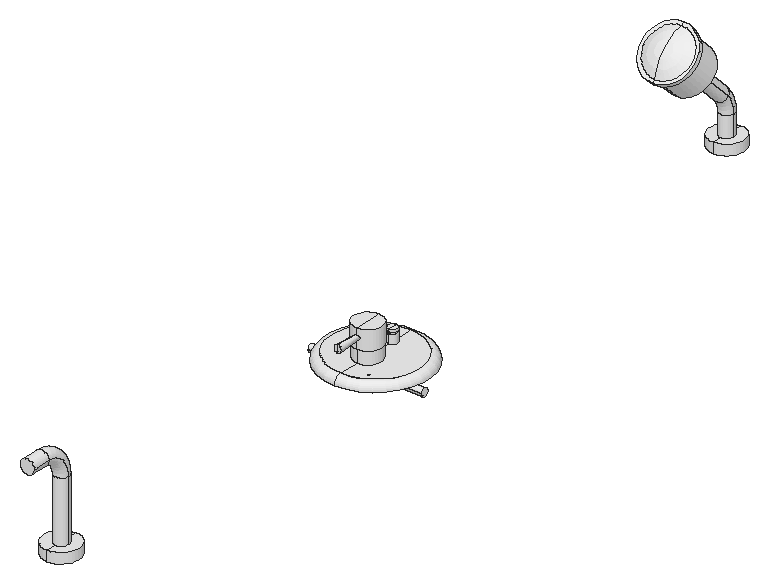
Revit family "Shower-Bath-American_Standard-Serin-T064.602", category Plumbing Fixtures, host Face, Revit 2014
Parameters (values of type "T064.602")
  Width = 6 3/4"
  Waste Connection = no
  Warranty Information = "Limited Lifetime Function and Finish Warranty."
  WFU = 4
  Vent Connection = no
  URL = "http://www.americanstandard-us.com/"
  Type Comments = ""
  Product Page URL = "https://www.americanstandard-us.com/bathroom/shower-faucets/serin-bathshower-trim-kit-with-built-in-diverter-18318"
  Product Documentation Link = "https://www.americanstandard-us.com/-/media/sites/asus/files/product-specs/bulk/specsheett064602.pdf?la=en"
  Price = "Prices may vary. Please consult Manufacturer Representative for most up-to-date price list."  # constant formula
  Model = "T064.602"
  Material = "Brass-American Standard-002-Polished Chrome"
  Manufacturer = "American Standard"
  Length = 7 1/4"
  Hydronic Supply Radius = 1/4"
  Hydronic Supply Diameter = Hydronic Supply Radius * 2  # 1/2"
  Hot Water Connection Radius = 1/4"
  Hot Water Connection Height = 48"
  Hot Water Connection Diameter = Hot Water Connection Radius * 2  # 1/2"
  Height = 79 5/8"
  HWFU = 3
  HW Connection = yes
  Description = "Serin Pressure Balance Bath-Shower Fitting with Built-In Diverter."
  Default Elevation = 0"
  Creation Date = "10/24/14"  # constant formula
  Cold Water Connection Radius = 1/4"
  Cold Water Connection Height = Hot Water Connection Height  # 48"
  Cold Water Connection Diameter = Cold Water Connection Radius * 2  # 1/2"
  CWFU = 2
  CW Connection = yes
  Assembly Code = "D2020300"
  ADA Compliant = yes
Reference planes (in)
  plane 1 "Center (Front/Back)": y = -43
  plane 2: z = 0
  plane 3 "Center (Left/Right)": x = 0
  plane 4: y = 31
  plane 5: y = 36.625
  plane 6: y = 5
  plane 7: y = -22
  plane 8: through (0, 34.26422, 5.31068) normal (0, -0.7071, -0.7071)
  plane 9: through (0, 35.01117, 5.27084) normal (0, -0.7071, -0.7071)
  plane 10: y = 5.6875
  plane 11: z = 6.75
  plane 12: x = 4
  plane 13: x = -4
  plane 14: z = 8.125
  plane 15: y = 35.4375
  plane 16: y = 37.8125
  plane 17: y = 2.0625
  plane 18: y = 9.3125
Forms (in)
  Revolve 1, solid, material "Brass-American Standard-002-Polished Chrome"
    sketch origin (0, -9.95943, 1.58276) x (0, -0.034899, -0.999391) y (0, 0.999391, -0.034899)
      loop
        line (-5.07447, 44.27525) -> (-5.42824, 44.62901)
        arc (-5.42824, 44.62901) -> (-5.60952, 44.37045) -> (-5.85481, 44.17158) r 1.13936
        line (-5.85481, 44.17158) -> (-6.16456, 44.46042) -> (-6.84656, 43.72907) -> (-7.39508, 44.24057) -> (-9.01846, 42.4997) -> (-9.2013, 42.6702) -> (-9.3718, 42.48736) -> (-9.18896, 42.31686)
        arc (-9.18896, 42.31686) -> (-8.86609, 41.49291) -> (-8.31396, 40.80131) r 2.95847
        line (-8.31396, 40.80131) -> (-5.07447, 44.27525)
      axis (-5.06256, 44.28801) -> (-8.31396, 40.80131)
    angle from 0 to 360
  Sweep 2, solid, material "Brass-American Standard-002-Polished Chrome"
    path origin (0, -9.06109, -0.71731) x (0, 0, -1) y (0, 1, 0)
      loop
        line (-5.81256, 43.53801) -> (-4.21205, 45.13853)
        arc (-4.21205, 45.13853) -> (-3.60554, 45.54379) -> (-2.89012, 45.68609) r 1.86949
        line (-2.89012, 45.68609) -> (-0.71731, 45.68609)
    profile origin (0, 36.625, 1.0864) x (1, 0, 0) y (0, 1, 0)
      loop
        circle (0, 0) r 0.5
  Revolve 3, solid, material "Brass-American Standard-002-Polished Chrome"
    sketch origin (0, -9.06109, 0) x (0, 0, -1) y (0, 1, 0)
      loop
        line (0, 45.68609) -> (-0.70701, 45.68609) -> (-0.70701, 44.49859) -> (0, 44.49859) -> (0, 45.68609)
      axis (-0.70701, 45.68609) -> (0, 45.68609)
    angle from 0 to 360
  Revolve 4, solid, material "Brass-American Standard-002-Polished Chrome"
    sketch origin (0, -16.13672, 0) x (0, 0, -1) y (0, 1, 0)
      loop
        arc (0, 25.44922) -> (-0.375, 25.29389) -> (-0.53033, 24.91889) r 0.53033
        line (-0.53033, 24.91889) -> (-0.53033, 21.82422) -> (0, 21.82422) -> (0, 25.44922)
      axis (0, 21.82422) -> (-0.53033, 21.82422)
    angle from 0 to 360
  Revolve 5, solid, material "Brass-American Standard-002-Polished Chrome"
    sketch origin (0, -16.13672, 0) x (0, 0, -1) y (0, 1, 0)
      loop
        line (-2.77185, 22.1316) -> (-2.77185, 21.13672) -> (-1.456, 21.13672) -> (-0.37029, 21.13672) -> (-0.37029, 22.05671) -> (-1.456, 22.05671) -> (-1.456, 22.1316) -> (-2.77185, 22.1316)
      axis (-2.77185, 21.13672) -> (-0.37029, 21.13672)
    angle from 0 to 360
  Revolve 6, solid, material "Brass-American Standard-002-Polished Chrome"
    sketch origin (0, -16.13672, 0) x (0, 0, -1) y (0, 1, 0)
      loop
        line (-2.17574, 20.24331) -> (-2.17574, 18.49331) -> (-1.92574, 18.49331) -> (-2.01745, 20.24331) -> (-2.17574, 20.24331)
      axis (-2.17574, 20.24331) -> (-2.17574, 18.49331)
    angle from 0 to 360
  Sweep 7, solid, material "Brass-American Standard-002-Polished Chrome"
    path origin (0, -9, 0) x (0, 1, 0) y (0, 0, 1)
      loop
        line (-13, 0) -> (-13, 5)
        arc (-13, 5) -> (-13.51256, 6.23744) -> (-14.75, 6.75) r 1.75
        line (-14.75, 6.75) -> (-16, 6.75)
    profile origin (0, -22, 2.5) x (0, -1, 0) y (1, 0, 0)
      loop
        circle (0, 0) r 0.5
  Revolve 8, solid, material "Brass-American Standard-002-Polished Chrome"
    sketch origin (0, -67.68609, 0) x (0, 0, -1) y (0, 1, 0)
      loop
        line (0, 45.68609) -> (-0.70701, 45.68609) -> (-0.70701, 44.43609) -> (0, 44.43609) -> (0, 45.68609)
      axis (-0.70701, 45.68609) -> (0, 45.68609)
    angle from 0 to 360
  Revolve 9, solid, material "Brass-American Standard-002-Polished Chrome"
    sketch origin (0, -0.1875, 0.125) x (0, 1, 0) y (0, 0, 1)
      loop
        line (7.70312, 0) -> (7.70312, 1) -> (7.65662, 1.0465) -> (7.65662, 1.18634) -> (7.70312, 1.18634) -> (7.70312, 1.31134) -> (7.375, 1.31134) -> (7.375, 0) -> (7.70312, 0)
      axis (7.375, 0) -> (7.375, 1.31134)
    angle from 0 to 360
  Extrusion 10, solid, material "Brass-American Standard-002-Polished Chrome"
    sketch origin (0, 0, 0) x (0, 1, 0) y (0, 0, 1)
      loop
        circle (5, -0.32281) r 0.25
    from -4 to 4
  Extrusion 11, solid, material "Brass-American Standard-002-Polished Chrome"
    sketch origin (0, -43, 0) x (1, 0, 0) y (0, 0, 1)
      loop
        circle (0, -0.31947) r 0.25
    from -49.46865 to -46.47384
Cuts and joins
  joined: Sweep 7, Revolve 8
  joined: Sweep 2, Revolve 3
  joined: Revolve 4, Revolve 5, Revolve 9
  joined: Extrusion 10, Extrusion 11
Lines and regions (in)
  Masking region 1
    outline origin (0, -43, 0) x (1, 0, 0) y (0, 0, 1)
      loop
        arc (-1.92353, 8.10823) -> (-1.88369, 7.65836) -> (-1.67353, 7.2586) r 1.14895
        line (-1.67353, 7.2586) -> (-1.67353, 6.24599)
        spline (-1.67353, 6.24599) -> (-1.66679, 6.13989) -> (-1.64663, 6.03465) -> (-1.6132, 5.9311) -> (-1.56677, 5.8301) -> (-1.50773, 5.73244) -> (-1.43654, 5.63892) -> (-1.35378, 5.55029) -> (-1.26011, 5.46727) -> (-1.15629, 5.39051) -> (-1.04316, 5.32065) -> (-0.92163, 5.25824) -> (-0.79267, 5.20379)
        spline (-0.79267, 5.20379) -> (-0.77386, 5.18248) -> (-0.7539, 5.16169) -> (-0.73282, 5.14147) -> (-0.71066, 5.12183) -> (-0.68745, 5.10281) -> (-0.66322, 5.08444) -> (-0.63801, 5.06673) -> (-0.61185, 5.04973) -> (-0.58479, 5.03345) -> (-0.55687, 5.01792) -> (-0.52812, 5.00316) -> (-0.49858, 4.98919)
        line (-0.49858, 4.98919) -> (-0.49858, 2.77185) -> (-0.99487, 2.77185) -> (-0.99487, 1.456) -> (-0.91999, 1.456) -> (-0.91999, 0.70701) -> (-1.25073, 0.70701) -> (-1.25073, 0.53127) -> (-3.0937, 0.53127)
        arc (-3.0937, 0.53127) -> (-3.46937, 0.37567) -> (-3.62497, 0) r 0.53127
        line (-3.62497, 0) -> (0, 0) -> (3.62497, 0)
        arc (3.62497, 0) -> (3.46937, 0.37567) -> (3.0937, 0.53127) r 0.53127
        line (3.0937, 0.53127) -> (1.25073, 0.53127) -> (1.25073, 0.70701) -> (0.91999, 0.70701) -> (0.91999, 1.456) -> (0.99487, 1.456) -> (0.99487, 2.77185) -> (0.49858, 2.77185) -> (0.49858, 4.98919)
        spline (0.49858, 4.98919) -> (0.52812, 5.00316) -> (0.55687, 5.01792) -> (0.58479, 5.03345) -> (0.61185, 5.04973) -> (0.63801, 5.06673) -> (0.66322, 5.08444) -> (0.68745, 5.10281) -> (0.71066, 5.12183) -> (0.73282, 5.14147) -> (0.7539, 5.16169) -> (0.77386, 5.18248) -> (0.79267, 5.20379)
        spline (0.79267, 5.20379) -> (0.92163, 5.25824) -> (1.04316, 5.32065) -> (1.15629, 5.39051) -> (1.26011, 5.46727) -> (1.35378, 5.55029) -> (1.43654, 5.63892) -> (1.50773, 5.73244) -> (1.56677, 5.8301) -> (1.6132, 5.9311) -> (1.64663, 6.03465) -> (1.66679, 6.13989) -> (1.67353, 6.24599)
        line (1.67353, 6.24599) -> (1.67353, 7.2586)
        spline (1.67353, 7.2586) -> (1.71272, 7.31022) -> (1.74874, 7.36299) -> (1.78153, 7.4168) -> (1.81104, 7.47156) -> (1.83721, 7.52717) -> (1.85998, 7.58353) -> (1.87933, 7.64053) -> (1.8952, 7.69807) -> (1.90758, 7.75604) -> (1.91644, 7.81433) -> (1.92176, 7.87283) -> (1.92353, 7.93145)
        line (1.92353, 7.93145) -> (1.92353, 8.10823)
        spline (1.92353, 8.10823) -> (1.85799, 8.46026) -> (1.66583, 8.7883) -> (1.36014, 9.06999) -> (0.96177, 9.28614) -> (0.49785, 9.42202) -> (0, 9.46837) -> (-0.49785, 9.42202) -> (-0.96177, 9.28614) -> (-1.36014, 9.06999) -> (-1.66583, 8.7883) -> (-1.85799, 8.46026) -> (-1.92353, 8.10823)
  symbolic lines, detail levels medium+fine
    curve 1: spline (-1.67353, -43, 6.24599) -> (-1.61651, -43, 6.55227) -> (-1.44932, -43, 6.83768) -> (-1.18337, -43, 7.08276) -> (-0.83677, -43, 7.27082) -> (-0.43314, -43, 7.38904) -> (0, -43, 7.42936) -> (0.43314, -43, 7.38904) -> (0.83677, -43, 7.27082) -> (1.18337, -43, 7.08276) -> (1.44932, -43, 6.83768) -> (1.61651, -43, 6.55227) -> (1.67353, -43, 6.24599)
    curve 2: spline (-0.80545, -43, 5.21938) -> (-0.91186, -43, 5.4354) -> (-0.90639, -43, 5.66412) -> (-0.78971, -43, 5.87747) -> (-0.57612, -43, 6.04928) -> (-0.29185, -43, 6.15846) -> (0.02823, -43, 6.19162) -> (0.34485, -43, 6.14469) -> (0.61916, -43, 6.02343) -> (0.81749, -43, 5.84271) -> (0.91552, -43, 5.62472) -> (0.90122, -43, 5.39619) -> (0.77633, -43, 5.18517)
    curve 3: line (0.91999, -43, 0.70701) -> (-0.91999, -43, 0.70701)
    curve 4: line (-0.5, -43, 0.70701) -> (-0.5, -43, 2.77185)
    curve 5: line (0.5, -43, 0.70701) -> (0.5, -43, 2.77185)
    curve 17: line (0.5, -43, 5.09525) -> (0.5, -43, 4.99159)
    curve 18: line (-0.5, -43, 5.09525) -> (-0.5, -43, 4.99159)
    curve 20: line (-1.18811, -43, 0.70701) -> (-1.18811, -43, 0)
    curve 21: line (1.18811, -43, 0.70701) -> (1.18811, -43, 0)
  symbolic lines, detail levels fine
    curve 6: line (0.91999, -43, 1.456) -> (0.5, -43, 1.456)
    curve 7: line (-0.91999, -43, 1.456) -> (-0.5, -43, 1.456)
    curve 8: spline (-1.67353, -43, 7.92915) -> (-1.61651, -43, 8.23543) -> (-1.44932, -43, 8.52083) -> (-1.18337, -43, 8.76592) -> (-0.83677, -43, 8.95398) -> (-0.43314, -43, 9.07219) -> (0, -43, 9.11252) -> (0.43314, -43, 9.07219) -> (0.83677, -43, 8.95398) -> (1.18337, -43, 8.76592) -> (1.44932, -43, 8.52083) -> (1.61651, -43, 8.23543) -> (1.67353, -43, 7.92915)
    curve 9: line (-1.67353, -43, 7.92915) -> (-1.67353, -43, 7.2586)
    curve 10: line (1.67353, -43, 7.92915) -> (1.67353, -43, 7.2591)
    curve 11: spline (-0.5, -43, 5.09661) -> (-0.48292, -43, 5.18823) -> (-0.43285, -43, 5.27359) -> (-0.35321, -43, 5.34686) -> (-0.24944, -43, 5.40303) -> (-0.12863, -43, 5.43827) -> (0.00096, -43, 5.45017) -> (0.1305, -43, 5.43791) -> (0.25111, -43, 5.40235) -> (0.35457, -43, 5.34589) -> (0.43381, -43, 5.27241) -> (0.48342, -43, 5.18691) -> (0.5, -43, 5.09525)
    curve 12: spline (0.5, -43, 5.53889) -> (0.48296, -43, 5.63039) -> (0.43301, -43, 5.71566) -> (0.35355, -43, 5.78889) -> (0.25, -43, 5.84507) -> (0.12941, -43, 5.88039) -> (0, -43, 5.89244) -> (-0.12941, -43, 5.88039) -> (-0.25, -43, 5.84507) -> (-0.35355, -43, 5.78889) -> (-0.43301, -43, 5.71566) -> (-0.48296, -43, 5.63039) -> (-0.5, -43, 5.53889)
    curve 13: arc (-0.5, -43, 5.53889) -> (-0.49558, -43, 5.48617) -> (-0.47993, -43, 5.43564) r 0.24478
    curve 14: arc (-0.47993, -43, 5.43564) -> (-0.455, -43, 5.31085) -> (-0.48345, -43, 5.18682) r 0.30331
    curve 15: arc (0.5, -43, 5.53889) -> (0.49558, -43, 5.48617) -> (0.47993, -43, 5.43564) r 0.24478
    curve 16: arc (0.47993, -43, 5.43564) -> (0.455, -43, 5.31085) -> (0.48345, -43, 5.18682) r 0.30331
    curve 19: line (-1.25013, -43, 0.53047) -> (-1.18811, -43, 0.53047)
Dimensions and locks (in)
  plane 1 "Center (Front/Back)" to plane 4 to plane 5 = 74" locked, 5 5/8"
  "Hot Water Connection Height": plane 1 "Center (Front/Back)" to plane 6
  "Height": plane 1 "Center (Front/Back)" to plane 5
  locked: plane 13 to plane 3 "Center (Left/Right)" at 4
  locked: plane 3 "Center (Left/Right)" to plane 12 at 4
  locked: plane 1 "Center (Front/Back)" to plane 7 at 21
  plane 11 to level = 6 3/4"
  plane 16 to plane 15 = 2 3/8"  (x2)
  aligned and locked: plane 2 to host face
  aligned and locked: level to host face
Automatic sketch dimensions
  host sketch curve to host sketch curve = 96"  (x2)
  Sweep 2 sketch curve to plane 5 = 0"
  Sweep 2 sketch curve to level = 0"
  Sweep 2 sketch curve to Sweep 2 sketch curve = 2.17281"
  plane 5 to Sweep 2 sketch curve = 0.54756"
  Sweep 2 sketch curve to Sweep 2 sketch curve = 1.32193"
  Sweep 2 sketch curve to plane 11 = 1.65475"
  plane 5 to Sweep 2 sketch curve = 2.14808"
  profile plane to Sweep 2 sketch curve = 0"
  Sweep 2 sketch curve to profile plane = 0"
  Revolve 4 sketch curve to plane 6 = 11/16"  (x2)
  Revolve 4 sketch curve to level = 0"
  level to Revolve 4 sketch curve = 0.53033"
  Revolve 4 sketch curve to Revolve 4 sketch curve = 3/4"
  Revolve 4 sketch curve to Revolve 4 sketch curve = 0.42078"
  plane 6 to Revolve 5 sketch curve = 0"
  level to Revolve 5 sketch curve = 3.33737"
  Revolve 5 sketch curve to Revolve 5 sketch curve = 0.17291"
  Revolve 5 sketch curve to Revolve 5 sketch curve = 0.39261"
  Revolve 5 sketch curve to plane 6 = 0.99487"
  Revolve 5 sketch curve to Revolve 5 sketch curve = 1.31585"
  Revolve 5 sketch curve to Revolve 5 sketch curve = 0"  (x2)
  level to Revolve 5 sketch curve = 0.37029"
  Revolve 5 sketch curve to plane 6 = 0.91999"
  level to Revolve 6 sketch curve = 2.17574"
  Revolve 6 sketch curve to Revolve 6 sketch curve = 0"
  Revolve 6 sketch curve to Revolve 6 sketch curve = 0.15829"
  Revolve 6 sketch curve to Revolve 6 sketch curve = 1/4"
  plane 6 to Revolve 6 sketch curve = 2.80204"
  Revolve 6 sketch curve to Revolve 6 sketch curve = 0.15862"
  Revolve 6 sketch curve to Revolve 6 sketch curve = 0.09138"
  plane 6 to Revolve 6 sketch curve = 0.89342"
  Sweep 7 sketch curve to plane 11 = 0"
  Sweep 7 sketch curve to plane 7 = 0"
  Sweep 7 sketch curve to level = 0"
  plane 7 to Sweep 7 sketch curve = 1 3/4"
  Sweep 7 sketch curve to Sweep 7 sketch curve = 1 1/4"
  Sweep 7 sketch curve to plane 3 "Center (Left/Right)" = 0"
  Sweep 7 sketch curve to profile plane = 0"
  Revolve 8 sketch curve to plane 7 = 0"  (x2)
  Revolve 8 sketch curve to level = 0"  (x2)
  Revolve 8 sketch curve to Revolve 8 sketch curve = 0.70701"
  Revolve 8 sketch curve to level = 0.19547"
  plane 7 to Revolve 8 sketch curve = 1 1/4"
  Revolve 9 sketch curve to Revolve 9 sketch curve = 0.0465"  (x3)
  level to Revolve 9 sketch curve = 1/8"
  Revolve 9 sketch curve to Revolve 9 sketch curve = 0.34652"
  Revolve 9 sketch curve to Revolve 9 sketch curve = 0.19154"
  Revolve 9 sketch curve to Revolve 9 sketch curve = 0.46194"
  Revolve 9 sketch curve to Revolve 9 sketch curve = 0.13984"
  Revolve 9 sketch curve to Revolve 9 sketch curve = 1/8"
  plane 10 to Revolve 4 sketch curve = 3.09467"
  Revolve 9 sketch curve to plane 6 = 2 3/16"
  Revolve 9 sketch curve to Revolve 9 sketch curve = 0"
  Revolve 9 sketch curve to Revolve 9 sketch curve = 0.28162"
  Extrusion 10 sketch curve to plane 6 = 0"
  Extrusion 10 sketch curve to level = 0.32281"
  Extrusion 11 sketch curve to plane 3 "Center (Left/Right)" = 0"
  Extrusion 11 sketch curve to level = 0.31947"
  Revolve 3 sketch curve to plane 5 = 0"  (x2)
  Revolve 3 sketch curve to plane 15 = 0"
  Revolve 3 sketch curve to level = 0"  (x2)
  level to Revolve 3 sketch curve = 0.70701"
  Revolve 3 sketch curve to Revolve 3 sketch curve = 0.19547"
  Revolve 1 sketch curve to plane 8 = 0"
  plane 9 to Revolve 1 sketch curve = 0"  (x2)
  plane 8 to Revolve 1 sketch curve = 0"  (x3)
  Revolve 1 sketch curve to plane 9 = 1.42353"
  plane 14 to Revolve 1 sketch curve = 1.34107"
  Revolve 1 sketch curve to Revolve 1 sketch curve = 0.1705"  (x2)
  Revolve 1 sketch curve to Revolve 1 sketch curve = 0.18284"
  Revolve 1 sketch curve to Revolve 1 sketch curve = 7/8"
  Revolve 1 sketch curve to Revolve 1 sketch curve = 1.62339"
  Revolve 1 sketch curve to Revolve 1 sketch curve = 0.54852"
  Revolve 1 sketch curve to Revolve 1 sketch curve = 0.95228"
  Revolve 1 sketch curve to Revolve 1 sketch curve = 0.54259"
  Revolve 1 sketch curve to Revolve 1 sketch curve = 0.27823"
  Revolve 1 sketch curve to Revolve 1 sketch curve = 0.30975"
  Revolve 1 sketch curve to Revolve 1 sketch curve = 0.42657"
  Revolve 1 sketch curve to Revolve 1 sketch curve = 0.35377"
  Revolve 1 sketch curve to Revolve 1 sketch curve = 0.26918"
  Revolve 1 sketch curve to Revolve 1 sketch curve = 0.19455"
  Masking region 1 sketch curve to level = 0"
  Masking region 1 sketch curve to plane 3 "Center (Left/Right)" = 0"  (x7)
  Masking region 1 sketch curve to plane 3 "Center (Left/Right)" = 0.49858"
  Masking region 1 sketch curve to plane 14 = 0.14231"
  Masking region 1 sketch curve to plane 3 "Center (Left/Right)" = 0.78146"
  Masking region 1 sketch curve to plane 3 "Center (Left/Right)" = 0.91999"
  Masking region 1 sketch curve to Masking region 1 sketch curve = 0.07488"  (x2)
  Masking region 1 sketch curve to Masking region 1 sketch curve = 0.33074"  (x2)
  Masking region 1 sketch curve to plane 11 = 0.50401"
  Masking region 1 sketch curve to plane 3 "Center (Left/Right)" = 1.67353"
  Masking region 1 sketch curve to plane 13 = 0.9063"
  Masking region 1 sketch curve to plane 13 = 0.37503"
  plane 3 "Center (Left/Right)" to Masking region 1 sketch curve = 0.49858"
  plane 3 "Center (Left/Right)" to Masking region 1 sketch curve = 0.91999"
  plane 11 to Masking region 1 sketch curve = 0.5086"
  Masking region 1 sketch curve to Masking region 1 sketch curve = 1/4"
  Masking region 1 sketch curve to plane 12 = 0.9063"
  Masking region 1 sketch curve to plane 12 = 0.37503"
  Masking region 1 sketch curve to Masking region 1 sketch curve = 0.17574"  (x2)
  Masking region 1 sketch curve to Masking region 1 sketch curve = 0.74899"  (x2)
  Masking region 1 sketch curve to Masking region 1 sketch curve = 1.31585"
  Masking region 1 sketch curve to Masking region 1 sketch curve = 0"  (x3)
  Masking region 1 sketch curve to Masking region 1 sketch curve = 1.2568"
  Masking region 1 sketch curve to Masking region 1 sketch curve = 0.17678"
  Masking region 1 sketch curve to Masking region 1 sketch curve = 0.13086"  (x2)
  Masking region 1 sketch curve to Masking region 1 sketch curve = 0.29409"
  Masking region 1 sketch curve to Masking region 1 sketch curve = 0.2146"  (x2)
  Masking region 1 sketch curve to Masking region 1 sketch curve = 1.01261"
  Masking region 1 sketch curve to Masking region 1 sketch curve = 0.42495"
  Masking region 1 sketch curve to Masking region 1 sketch curve = 0.54969"
  curve 20 to level = 0"
  curve 2 to plane 3 "Center (Left/Right)" = 0"
  curve 8 to plane 3 "Center (Left/Right)" = 0"
  curve 11 to plane 3 "Center (Left/Right)" = 0"
  curve 12 to plane 3 "Center (Left/Right)" = 0"
  curve 1 to plane 3 "Center (Left/Right)" = 0"
  curve 21 to level = 0"
  curve 13 to plane 3 "Center (Left/Right)" = 0.2553"
  curve 14 to curve 13 = 0.50298"
  curve 9 to plane 14 = 0.19585"
  curve 9 to plane 3 "Center (Left/Right)" = 1.67353"
  plane 3 "Center (Left/Right)" to curve 15 = 0.2553"
  plane 3 "Center (Left/Right)" to curve 17 = 1/2"
  curve 17 to curve 16 = 0.25828"
  curve 17 to plane 11 = 1.65475"
  curve 17 to curve 16 = 0.21989"
  curve 11 to curve 14 = 0.21989"
  curve 14 to curve 13 = 0.21773"
  curve 11 to curve 15 = 0.43763"
  curve 13 to curve 13 = 0.22463"
  curve 14 to curve 13 = 0"
  curve 14 to curve 13 = 0.00352"
  curve 11 to curve 14 = 0.01655"
  curve 13 to curve 14 = 0.02007"
  curve 7 to plane 3 "Center (Left/Right)" = 1/2"
  curve 11 to curve 18 = 0"
  curve 2 to curve 14 = 0.04717"
  curve 3 to curve 4 = 0.41999"
  curve 7 to curve 7 = 0.41999"
  curve 20 to curve 3 = 0.26812"
  curve 19 to curve 19 = 0.06203"
  curve 1 to plane 11 = 0.50401"
  curve 9 to curve 1 = 0"
  curve 16 to curve 15 = 0"
  plane 3 "Center (Left/Right)" to curve 6 = 1/2"
  curve 16 to curve 2 = 0.01805"
  curve 5 to curve 3 = 0.41999"
  curve 6 to curve 6 = 0.41999"
  curve 16 to curve 2 = 0.16525"
  curve 3 to curve 21 = 0.26812"
  curve 20 to curve 19 = 0.53047"
  curve 19 to curve 20 = 0.17654"
  curve 21 to curve 21 = 0.70701"
  curve 5 to curve 21 = 0"
  curve 5 to curve 6 = 0.74899"
  curve 4 to curve 7 = 0.74899"
  curve 7 to curve 4 = 1.31585"
  curve 5 to curve 4 = 0"
  curve 18 to curve 11 = 0.10503"
  curve 17 to curve 11 = 0.10366"
  curve 18 to curve 11 = 0.00136"
  curve 2 to curve 16 = 0.12997"
  curve 2 to curve 14 = 0.09576"
  plane 11 to curve 9 = 0.5086"
  plane 11 to curve 10 = 0.5091"
  radius of Sweep 2 sketch curve = 1/2"
  radius of Sweep 7 sketch curve = 1/2"
  radius of Extrusion 10 sketch curve = 1/4"
  radius of Extrusion 11 sketch curve = 1/4"
Connectors (in)
  piping at (0, 36.625, 0), diameter 0.5, driven by "Hydronic Supply Radius"
    settings: on Sweep 2, index 3, connector inside diameter 1/2", connector length 0", flow factor 0, pipe flow 2.5 GPM, pressure drop 0.00 psi, fitting loss kfactor 0, connector angle 0.00°, fixture units 0, engagement length 0", angle of deflection 0.00°, flow configuration 0, flow direction 1, fitting loss method 0, system type 29, joint type 0, gender type 0, connector reference index -1, connector utility 0, adjustable connector no, is connector primary yes, connector description "1/2\" NPT Inlet Connection"
  piping at (0, -22, 0), diameter 0.5, driven by "Hydronic Supply Radius"
    settings: on cut or joined group of Sweep 7, Revolve 8, index 4, connector inside diameter 1/2", connector length 0", flow factor 0, pipe flow 0 GPM, pressure drop 0.00 psi, fitting loss kfactor 0, connector angle 0.00°, fixture units 0, engagement length 0", angle of deflection 0.00°, flow configuration 0, flow direction 2, fitting loss method 0, system type 29, joint type 0, gender type 0, connector reference index -1, connector utility 0, adjustable connector no, is connector primary no, connector description "1/2\" NPT Outlet Connection"
  piping at (-4, 5, -0.32281), diameter 0.5, driven by "Hot Water Connection Radius", driven by "HWFU"
    settings: on cut or joined group of Extrusion 10, Extrusion 11, index 5, connector inside diameter 1/2", connector length 0", flow factor 0, pipe flow 0 GPM, pressure drop 0.00 psi, fitting loss kfactor 0, connector angle 0.00°, fixture units 3, engagement length 0", angle of deflection 0.00°, flow configuration 3, flow direction 1, fitting loss method 0, system type 19, joint type 0, gender type 0, connector reference index -1, connector utility 0, adjustable connector no, is connector primary no, connector description "1/2\" HW NPT Inlet Connection"
  piping at (0, 6.46865, -0.31947), diameter 0.5, driven by "Hydronic Supply Radius"
    settings: on cut or joined group of Extrusion 10, Extrusion 11, index 6, connector inside diameter 1/2", connector length 0", flow factor 0, pipe flow 0 GPM, pressure drop 0.00 psi, fitting loss kfactor 0, connector angle 0.00°, fixture units 0, engagement length 0", angle of deflection 0.00°, flow configuration 0, flow direction 2, fitting loss method 0, system type 29, joint type 0, gender type 0, connector reference index -1, connector utility 0, adjustable connector no, is connector primary no, connector description "1/2\" NPT Outlet Connection"
  piping at (0, 3.47384, -0.31947), diameter 0.5, driven by "Hydronic Supply Radius"
    settings: on cut or joined group of Extrusion 10, Extrusion 11, index 7, connector inside diameter 1/2", connector length 0", flow factor 0, pipe flow 0 GPM, pressure drop 0.00 psi, fitting loss kfactor 0, connector angle 0.00°, fixture units 0, engagement length 0", angle of deflection 0.00°, flow configuration 0, flow direction 2, fitting loss method 0, system type 29, joint type 0, gender type 0, connector reference index -1, connector utility 0, adjustable connector no, is connector primary no, connector description "1/2\" NPT Tub Outlet Connection"
  piping at (4, 5, -0.32281), diameter 0.5, driven by "Cold Water Connection Radius", driven by "CWFU"
    settings: on cut or joined group of Extrusion 10, Extrusion 11, index 8, connector inside diameter 1/2", connector length 0", flow factor 0, pipe flow 0 GPM, pressure drop 0.00 psi, fitting loss kfactor 0, connector angle 0.00°, fixture units 2, engagement length 0", angle of deflection 0.00°, flow configuration 3, flow direction 1, fitting loss method 0, system type 20, joint type 0, gender type 0, connector reference index -1, connector utility 0, adjustable connector no, is connector primary no, connector description "1/2\" CW NPT Inlet Connection"
